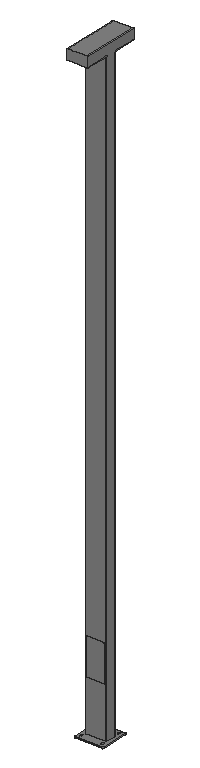
Revit family "Супремус В", category Осветительные приборы, Revit 2019 (continued)
Parameters (values of type "ДТУ121с10 Светодиодный светильник Супремус-B ДТУ-121-AF-ДТУП1212(60Вт)+ДТУП1212(60Вт)-6,0")
    0 299.7 293.1 284.6 273.4 260.3\r\n 245.3 228.2 208.9 188.3 167.9 149.8 132.5 115.7 99.6 82.5 64.0 51.6 39.5 31.9 26.4 22.1 19.3 17.1 15.5 14.0 12.6 11.3 10.3 9.3\r\n 8.4 7.6 6.8 6.2 5.6 5.1 4.4 3.9 3.6 3.2 2.8 2.4 2.2 1.9 1.6 1.3 1.2 0.9 0.8 0.7 0.6 0.6 0.6 0.7 0.7 0.7 0.7 0.7 0.7 0.8 0.0 0.0\r\n 0.0 0.0 0.0 0.0 0.0 0.0 0.0 0.0 0.0 0.0 0.0 0.0 0.0 0.0 0.0 0.0 0.0 0.0 0.0 0.0 0.0 0.0 0.0 0.0 0.0 0.0 0.0 0.0 0.0 0.0 0.0 0.0\r\n 0.0 0.0 0.0 0.0 0.0 0.0 0.0 0.0 0.0 0.0 0.0 0.0 0.0 0.0 0.0 0.0 0.0 0.0 0.0 0.0 0.0 0.0 0.0 0.0 0.0 0.0 0.0 0.0 0.0 0.0 0.0 0.0\r\n 0.0 0.0 0.0 0.0 0.0 0.0 0.0 0.0 0.0 0.0 0.0 0.0 0.0 0.0 0.0 0.0 0.0 0.0 0.0 0.0 0.0 0.0 0.0 0.0 0.0 0.0 0.0 0.0 0.0 0.0 0.0 0.0\r\n 0.0 0.0 0.0 0.0 0.0 0.0 0.0 0.0 0.0 0.0 0.0 0.0 0.0 0.0 0.0 0.0 0.0 0.0 0.0 0.0 0.0 0.0 0.0 0.0 0.0 0.0 0.0 0.0 0.0 0.0 0.0 0.0\r\n 0.0 0.0 0.0 0.0 0.0 0.0 0.0 0.0 0.0 0.0 0.0 0.0 0.0 0.0 0.0 0.0 0.0 0.0 0.0 0.0 0.0 0.0 0.0 0.0 0.0 0.0 0.0 0.0 0.0 0.0\r\n275.6 275.9 275.9 275.9 276.1 276.2 276.1 276.0 275.6 275.4 275.3 274.9 274.7 274.4 274.1 273.9 273.5 273.1 272.7 272.5 272.2\r\n 271.9 271.8 271.5 271.3 271.2 271.0 270.9 271.0 270.9 271.1 271.3 271.5 271.8 272.3 272.7 273.5 273.9 274.7 275.3 276.3 277.2\r\n 277.9 278.9 280.0 281.0 282.0 283.2 284.2 285.2 286.5 287.6 288.8 290.0 291.1 292.4 293.7 295.0 296.4 297.6 299.1 300.6 302.0\r\n 303.6 305.0 306.7 308.3 310.0 311.8 313.6 315.4 317.0 319.0 320.9 322.9 324.9 327.0 328.8 330.8 332.9 335.0 337.3 339.9 342.5\r\n 344.8 347.5 349.7 350.2 352.0 353.9 355.1 356.5 357.5 358.5 359.3 360.6 362.1 363.6 365.1 366.6 368.0 369.8 371.6 372.9 374.0\r\n 374.7 376.0 377.3 378.9 380.4 381.5 382.5 383.8 385.1 386.3 386.8 387.7 388.6 389.1 389.2 388.7 387.5 386.3 384.6 382.1 378.5\r\n 374.1 368.3 362.7 357.3 351.5 345.7 340.1 334.9 329.5 323.9 319.0 314.5 309.7 305.3 300.4 295.4 289.8 282.5 273.4 262.4 249.6\r\n 235.5 219.0 200.0 180.6 161.7 144.4 127.0 109.6 93.3 75.9 58.4 44.9 34.5 26.9 21.5 17.7 15.4 13.7 12.3 11.1 10.0 9.0 8.2 7.4 6.8\r\n 6.2 5.7 5.2 4.8 4.4 3.9 3.5 3.2 2.8 2.5 2.2 2.0 1.8 1.5 1.4 1.2 1.0 0.8 0.8 0.7 0.7 0.7 0.7 0.8 0.8 0.8 0.8 0.8 0.8 0.0 0.0 0.0\r\n 0.0 0.0 0.0 0.0 0.0 0.0 0.0 0.0 0.0 0.0 0.0 0.0 0.0 0.0 0.0 0.0 0.0 0.0 0.0 0.0 0.0 0.0 0.0 0.0 0.0 0.0 0.0 0.0 0.0 0.0 0.0 0.0\r\n 0.0 0.0 0.0 0.0 0.0 0.0 0.0 0.0 0.0 0.0 0.0 0.0 0.0 0.0 0.0 0.0 0.0 0.0 0.0 0.0 0.0 0.0 0.0 0.0 0.0 0.0 0.0 0.0 0.0 0.0 0.0 0.0\r\n 0.0 0.0 0.0 0.0 0.0 0.0 0.0 0.0 0.0 0.0 0.0 0.0 0.0 0.0 0.0 0.0 0.0 0.0 0.0 0.0 0.0 0.0 0.0 0.0 0.0 0.0 0.0 0.0 0.0 0.0 0.0 0.0\r\n 0.0 0.0 0.0 0.0 0.0 0.0 0.0 0.0 0.0 0.0 0.0 0.0 0.0 0.0 0.0 0.0 0.0 0.0 0.0 0.0 0.0 0.0 0.0 0.0 0.0 0.0 0.0 0.0 0.0 0.0 0.0 0.0\r\n 0.0 0.0 0.0 0.0 0.0 0.0 0.0 0.0 0.0 0.0 0.0 0.0 0.0 0.0 0.0 0.0 0.0 0.0 0.0 0.0 0.0 0.0 0.0 0.0 0.0 0.0 0.0 0.0 0.0\r\n275.6 275.5 275.4 275.2 275.1 274.8 274.6 274.2 273.9 273.4 273.0 272.6 272.0 271.5 271.0 270.5 269.9 269.4 269.0 268.4 267.9\r\n 267.5 267.0 266.7 266.4 266.0 265.5 265.3 265.1 264.8 264.7 264.8 264.8 265.0 265.3 265.5 265.9 266.4 266.8 267.3 268.0 268.9\r\n 269.6 270.4 271.2 271.9 272.7 273.8 274.8 275.8 276.9 277.9 279.0 280.1 281.4 282.4 283.5 284.8 286.2 287.5 288.8 290.0 291.5\r\n 293.0 294.1 295.7 297.2 298.7 300.0 301.6 303.2 304.6 306.1 307.7 309.3 311.1 312.7 314.3 315.6 317.0 318.5 320.1 321.9 323.2\r\n 325.1 326.5 328.9 329.6 330.9 332.8 333.4 334.5 335.4 336.1 336.4 337.5 338.5 339.7 340.8 342.3 343.7 345.0 346.3 347.5 348.4\r\n 349.4 350.3 351.4 352.5 353.0 353.4 354.0 354.5 354.8 355.1 355.5 355.2 355.3 355.7 355.8 355.7 355.4 354.7 353.4 352.1 349.8\r\n 346.1 341.5 337.2 332.5 328.3 323.6 319.3 316.1 311.5 306.3 301.9 296.6 291.7 286.0 280.4 274.6 268.5 262.0 253.9 244.5 233.3\r\n 221.2 207.7 192.1 176.5 159.7 142.6 125.5 108.4 91.4 75.0 57.3 42.7 31.6 24.1 18.5 15.1 13.1 11.7 10.6 9.6 8.7 7.9 7.3 6.6 6.1\r\n 5.6 5.1 4.6 4.2 3.7 3.2 2.9 2.7 2.4 2.2 2.1 2.0 1.9 1.7 1.5 1.4 1.2 1.0 1.0 0.9 0.9 0.9 1.0 1.0 1.0 1.1 1.1 1.1 1.2 0.0 0.0 0.0\r\n 0.0 0.0 0.0 0.0 0.0 0.0 0.0 0.0 0.0 0.0 0.0 0.0 0.0 0.0 0.0 0.0 0.0 0.0 0.0 0.0 0.0 0.0 0.0 0.0 0.0 0.0 0.0 0.0 0.0 0.0 0.0 0.0\r\n 0.0 0.0 0.0 0.0 0.0 0.0 0.0 0.0 0.0 0.0 0.0 0.0 0.0 0.0 0.0 0.0 0.0 0.0 0.0 0.0 0.0 0.0 0.0 0.0 0.0 0.0 0.0 0.0 0.0 0.0 0.0 0.0\r\n 0.0 0.0 0.0 0.0 0.0 0.0 0.0 0.0 0.0 0.0 0.0 0.0 0.0 0.0 0.0 0.0 0.0 0.0 0.0 0.0 0.0 0.0 0.0 0.0 0.0 0.0 0.0 0.0 0.0 0.0 0.0 0.0\r\n 0.0 0.0 0.0 0.0 0.0 0.0 0.0 0.0 0.0 0.0 0.0 0.0 0.0 0.0 0.0 0.0 0.0 0.0 0.0 0.0 0.0 0.0 0.0 0.0 0.0 0.0 0.0 0.0 0.0 0.0 0.0 0.0\r\n 0.0 0.0 0.0 0.0 0.0 0.0 0.0 0.0 0.0 0.0 0.0 0.0 0.0 0.0 0.0 0.0 0.0 0.0 0.0 0.0 0.0 0.0 0.0 0.0 0.0 0.0 0.0 0.0 0.0\r\n275.6 275.2 274.8 274.5 274.1 273.7 273.3 272.7 272.1 271.5 270.9 270.2 269.6 268.8 268.0 267.4 266.7 265.9 265.2 264.6 263.9\r\n 263.2 262.7 262.0 261.5 261.0 260.2 259.7 259.3 258.9 258.5 258.2 258.0 257.8 257.9 258.0 258.2 258.5 258.9 259.3 259.7 260.2\r\n 260.6 261.2 261.9 262.6 263.6 264.3 265.1 265.9 266.7 267.6 268.7 269.6 270.4 271.4 272.4 273.6 274.5 275.5 276.7 277.8 278.9\r\n 279.9 281.0 281.9 283.0 284.2 285.3 286.6 287.9 289.1 290.4 291.6 293.0 294.4 295.7 297.0 298.1 299.3 300.3 301.6 303.1 304.5\r\n 305.7 306.4 307.5 308.5 308.8 310.2 310.4 310.8 311.3 311.7 311.7 311.9 312.4 312.9 313.4 314.1 314.9 315.7 316.7 317.8 318.6\r\n 319.6 320.7 321.8 323.0 323.9 324.8 325.4 325.7 325.9 325.9 325.7 325.2 324.1 323.4 322.7 322.4 321.9 321.7 320.8 320.2 318.7\r\n 316.2 312.5 308.6 304.5 300.4 296.1 291.9 288.4 284.8 280.5 276.1 270.5 265.2 259.7 254.2 248.0 241.8 235.6 229.7 222.5 213.7\r\n 203.0 191.4 179.5 166.1 151.6 135.6 119.2 102.1 85.7 71.4 58.3 45.2 32.2 23.9 17.9 14.1 12.0 10.7 9.6 8.7 7.9 7.2 6.6 6.1 5.7 5.2\r\n 4.8 4.4 4.0 3.5 3.2 2.9 2.7 2.5 2.3 2.2 2.1 1.9 1.8 1.6 1.5 1.2 1.0 1.0 0.9 0.9 1.0 1.0 1.0 1.0 1.1 1.1 1.2 1.2 0.0 0.0 0.0 0.0\r\n 0.0 0.0 0.0 0.0 0.0 0.0 0.0 0.0 0.0 0.0 0.0 0.0 0.0 0.0 0.0 0.0 0.0 0.0 0.0 0.0 0.0 0.0 0.0 0.0 0.0 0.0 0.0 0.0 0.0 0.0 0.0 0.0\r\n 0.0 0.0 0.0 0.0 0.0 0.0 0.0 0.0 0.0 0.0 0.0 0.0 0.0 0.0 0.0 0.0 0.0 0.0 0.0 0.0 0.0 0.0 0.0 0.0 0.0 0.0 0.0 0.0 0.0 0.0 0.0 0.0\r\n 0.0 0.0 0.0 0.0 0.0 0.0 0.0 0.0 0.0 0.0 0.0 0.0 0.0 0.0 0.0 0.0 0.0 0.0 0.0 0.0 0.0 0.0 0.0 0.0 0.0 0.0 0.0 0.0 0.0 0.0 0.0 0.0\r\n 0.0 0.0 0.0 0.0 0.0 0.0 0.0 0.0 0.0 0.0 0.0 0.0 0.0 0.0 0.0 0.0 0.0 0.0 0.0 0.0 0.0 0.0 0.0 0.0 0.0 0.0 0.0 0.0 0.0 0.0 0.0 0.0\r\n 0.0 0.0 0.0 0.0 0.0 0.0 0.0 0.0 0.0 0.0 0.0 0.0 0.0 0.0 0.0 0.0 0.0 0.0 0.0 0.0 0.0 0.0 0.0 0.0 0.0 0.0 0.0 0.0\r\n275.6 275.2 274.5 274.0 273.4 272.7 272.1 271.4 270.5 269.9 269.0 268.1 267.4 266.4 265.5 264.6 263.7 262.7 261.8 261.0 260.0\r\n 259.0 258.2 257.4 256.6 255.8 255.1 254.4 253.6 253.0 252.5 251.7 250.9 250.6 250.4 250.0 249.8 249.9 250.2 250.3 250.3 250.4\r\n 250.6 250.8 251.3 251.7 252.2 252.6 253.0 253.6 254.0 254.3 254.9 255.4 255.9 256.6 257.1 257.7 258.1 258.8 259.4 260.0 260.6\r\n 261.5 262.0 262.7 263.2 264.0 264.8 265.6 266.5 267.4 268.5 269.4 270.1 270.9 271.8 272.7 273.5 274.3 275.1 276.2 277.2 278.4\r\n 279.3 280.0 280.5 281.4 282.5 283.0 283.9 284.0 284.3 284.8 285.1 284.9 284.9 285.3 285.8 286.0 286.3 286.7 287.1 287.7 288.3\r\n 289.0 289.8 290.8 291.9 293.1 294.0 295.0 295.8 296.3 296.6 296.7 296.3 295.7 294.9 293.8 292.9 292.1 291.7 291.1 290.0 289.0\r\n 287.3 284.7 281.3 277.5 273.9 270.2 266.6 262.9 259.0 255.9 252.6 248.2 243.2 238.1 232.5 225.7 218.5 209.9 202.3 196.5 191.3\r\n 185.1 177.2 168.1 157.3 145.9 131.6 117.3 103.1 87.9 74.3 62.3 50.9 40.6 31.5 23.6 17.7 13.9 11.5 10.2 9.1 8.3 7.5 6.8 6.3 5.8\r\n 5.4 5.0 4.6 4.1 3.6 3.2 2.9 2.8 2.6 2.5 2.4 2.4 2.3 2.0 1.6 1.4 1.2 1.0 1.0 0.9 1.0 1.0 1.0 1.1 1.1 1.1 1.2 1.2 1.2 0.0 0.0 0.0\r\n 0.0 0.0 0.0 0.0 0.0 0.0 0.0 0.0 0.0 0.0 0.0 0.0 0.0 0.0 0.0 0.0 0.0 0.0 0.0 0.0 0.0 0.0 0.0 0.0 0.0 0.0 0.0 0.0 0.0 0.0 0.0 0.0\r\n 0.0 0.0 0.0 0.0 0.0 0.0 0.0 0.0 0.0 0.0 0.0 0.0 0.0 0.0 0.0 0.0 0.0 0.0 0.0 0.0 0.0 0.0 0.0 0.0 0.0 0.0 0.0 0.0 0.0 0.0 0.0 0.0\r\n 0.0 0.0 0.0 0.0 0.0 0.0 0.0 0.0 0.0 0.0 0.0 0.0 0.0 0.0 0.0 0.0 0.0 0.0 0.0 0.0 0.0 0.0 0.0 0.0 0.0 0.0 0.0 0.0 0.0 0.0 0.0 0.0\r\n 0.0 0.0 0.0 0.0 0.0 0.0 0.0 0.0 0.0 0.0 0.0 0.0 0.0 0.0 0.0 0.0 0.0 0.0 0.0 0.0 0.0 0.0 0.0 0.0 0.0 0.0 0.0 0.0 0.0 0.0 0.0 0.0\r\n 0.0 0.0 0.0 0.0 0.0 0.0 0.0 0.0 0.0 0.0 0.0 0.0 0.0 0.0 0.0 0.0 0.0 0.0 0.0 0.0 0.0 0.0 0.0 0.0 0.0 0.0 0.0 0.0 0.0\r\n275.6 274.9 274.1 273.4 272.6 271.6 270.9 270.0 269.1 267.9 267.0 266.0 264.9 263.8 262.7 261.5 260.3 259.2 258.0 257.0 255.9\r\n 254.7 253.6 252.7 251.6 250.7 249.7 248.8 247.9 247.1 245.9 244.9 244.2 243.3 242.5 242.0 241.4 241.0 240.6 240.0 239.5 239.2\r\n 238.7 238.6 238.4 238.3 238.1 238.0 237.8 237.8 237.7 237.7 237.5 237.6 237.8 238.0 238.2 238.6 238.9 239.2 239.5 239.7 240.0\r\n 240.4 240.9 241.4 242.1 242.9 243.5 244.3 245.0 245.6 246.3 246.9 247.5 248.1 248.8 249.5 250.2 250.8 251.8 252.6 253.6 254.4\r\n 255.2 255.5 256.3 256.8 257.6 258.5 258.9 259.5 259.7 259.9 260.6 260.8 260.5 260.3 260.4 260.6 260.5 260.5 260.7 260.6 260.5\r\n 260.6 260.6 260.7 261.2 261.8 262.4 263.0 263.8 264.3 264.6 264.7 264.6 264.0 263.4 262.7 262.0 261.2 260.4 259.8 258.8 257.1\r\n 255.2 253.2 250.9 248.1 245.2 242.2 238.9 235.4 231.8 228.0 224.5 221.2 217.6 213.2 208.2 202.7 196.6 189.7 181.9 173.9 167.8\r\n 162.9 158.6 153.5 146.8 139.1 129.4 118.5 106.0 92.3 77.8 64.8 54.3 43.9 36.1 29.8 24.6 20.2 16.1 13.1 11.1 9.6 8.6 7.8 7.2 6.6\r\n 6.1 5.6 5.0 4.5 3.9 3.5 3.2 2.9 2.6 2.4 2.3 2.3 2.1 2.0 1.6 1.5 1.2 1.1 1.0 0.9 1.0 1.0 1.0 1.0 1.1 1.1 1.2 1.2 1.2 0.0 0.0 0.0\r\n 0.0 0.0 0.0 0.0 0.0 0.0 0.0 0.0 0.0 0.0 0.0 0.0 0.0 0.0 0.0 0.0 0.0 0.0 0.0 0.0 0.0 0.0 0.0 0.0 0.0 0.0 0.0 0.0 0.0 0.0 0.0 0.0\r\n 0.0 0.0 0.0 0.0 0.0 0.0 0.0 0.0 0.0 0.0 0.0 0.0 0.0 0.0 0.0 0.0 0.0 0.0 0.0 0.0 0.0 0.0 0.0 0.0 0.0 0.0 0.0 0.0 0.0 0.0 0.0 0.0\r\n 0.0 0.0 0.0 0.0 0.0 0.0 0.0 0.0 0.0 0.0 0.0 0.0 0.0 0.0 0.0 0.0 0.0 0.0 0.0 0.0 0.0 0.0 0.0 0.0 0.0 0.0 0.0 0.0 0.0 0.0 0.0 0.0\r\n 0.0 0.0 0.0 0.0 0.0 0.0 0.0 0.0 0.0 0.0 0.0 0.0 0.0 0.0 0.0 0.0 0.0 0.0 0.0 0.0 0.0 0.0 0.0 0.0 0.0 0.0 0.0 0.0 0.0 0.0 0.0 0.0\r\n 0.0 0.0 0.0 0.0 0.0 0.0 0.0 0.0 0.0 0.0 0.0 0.0 0.0 0.0 0.0 0.0 0.0 0.0 0.0 0.0 0.0 0.0 0.0 0.0 0.0 0.0 0.0 0.0 0.0\r\n275.6 274.7 273.7 272.6 271.7 270.8 269.7 268.7 267.4 266.2 265.1 263.9 262.4 261.3 259.9 258.5 257.2 255.8 254.5 253.2 251.8\r\n 250.4 249.3 248.0 246.8 245.5 244.4 243.1 241.9 240.3 238.9 237.6 236.0 234.7 233.4 232.4 231.2 230.0 228.6 227.5 226.3 225.4\r\n 224.6 223.8 223.1 222.4 221.8 221.1 220.7 220.3 220.1 219.9 219.8 219.8 219.7 219.8 219.9 220.2 220.4 220.6 220.9 221.1 221.4\r\n 222.0 222.6 222.9 223.4 223.7 224.1 224.6 224.9 225.0 225.3 225.3 225.3 225.4 225.6 225.9 226.1 226.2 226.4 226.9 227.3 227.9\r\n 228.4 228.7 228.8 229.1 229.3 229.5 230.1 230.8 230.4 230.2 229.8 229.9 230.0 229.5 228.6 228.0 227.7 227.4 226.9 226.6 226.2\r\n 225.8 225.6 225.4 225.3 225.4 225.5 225.5 225.8 226.1 226.4 226.8 226.6 225.9 225.0 224.1 223.4 223.1 222.7 222.1 221.1 219.6\r\n 217.8 216.1 214.2 211.9 209.6 206.8 203.9 200.7 197.0 193.3 188.9 184.4 179.4 174.3 169.2 163.7 157.6 151.1 144.4 137.2 131.4\r\n 125.5 119.7 116.6 114.3 111.9 107.8 102.8 96.2 88.2 78.4 67.9 57.8 48.5 40.8 34.2 28.7 24.7 21.6 19.0 16.6 14.3 11.7 9.9 8.7 7.8\r\n 7.0 6.4 5.8 5.2 4.7 4.2 3.7 3.4 3.0 2.8 2.6 2.5 2.2 2.0 1.8 1.6 1.5 1.2 1.1 1.0 1.0 1.0 1.0 1.0 1.1 1.1 1.2 1.2 1.2 0.0 0.0 0.0\r\n 0.0 0.0 0.0 0.0 0.0 0.0 0.0 0.0 0.0 0.0 0.0 0.0 0.0 0.0 0.0 0.0 0.0 0.0 0.0 0.0 0.0 0.0 0.0 0.0 0.0 0.0 0.0 0.0 0.0 0.0 0.0 0.0\r\n 0.0 0.0 0.0 0.0 0.0 0.0 0.0 0.0 0.0 0.0 0.0 0.0 0.0 0.0 0.0 0.0 0.0 0.0 0.0 0.0 0.0 0.0 0.0 0.0 0.0 0.0 0.0 0.0 0.0 0.0 0.0 0.0\r\n 0.0 0.0 0.0 0.0 0.0 0.0 0.0 0.0 0.0 0.0 0.0 0.0 0.0 0.0 0.0 0.0 0.0 0.0 0.0 0.0 0.0 0.0 0.0 0.0 0.0 0.0 0.0 0.0 0.0 0.0 0.0 0.0\r\n 0.0 0.0 0.0 0.0 0.0 0.0 0.0 0.0 0.0 0.0 0.0 0.0 0.0 0.0 0.0 0.0 0.0 0.0 0.0 0.0 0.0 0.0 0.0 0.0 0.0 0.0 0.0 0.0 0.0 0.0 0.0 0.0\r\n 0.0 0.0 0.0 0.0 0.0 0.0 0.0 0.0 0.0 0.0 0.0 0.0 0.0 0.0 0.0 0.0 0.0 0.0 0.0 0.0 0.0 0.0 0.0 0.0 0.0 0.0 0.0 0.0 0.0\r\n275.6 274.6 273.4 272.1 271.1 269.8 268.5 267.3 266.0 264.4 263.0 261.6 260.1 258.8 257.1 255.6 254.0 252.5 251.0 249.5 247.9\r\n 246.5 244.8 243.1 241.4 239.7 238.0 236.4 234.5 232.3 230.5 228.7 226.9 224.8 223.1 221.6 219.9 218.2 216.4 214.9 213.4 212.4\r\n 211.4 210.5 209.4 208.6 208.0 207.3 206.6 206.1 205.7 205.5 205.2 205.0 204.9 204.4 204.3 204.2 204.2 204.0 204.0 204.1 204.1\r\n 203.9 203.8 203.8 203.4 203.3 203.0 202.6 202.3 201.7 201.2 200.7 199.9 199.2 198.8 198.2 197.8 197.1 196.7 196.3 196.0 195.8\r\n 195.8 195.7 195.7 195.5 195.5 195.4 195.3 195.3 195.4 195.5 195.0 194.3 194.0 193.8 193.5 192.7 191.5 190.9 190.5 189.9 189.4\r\n 188.9 188.5 188.2 187.9 187.7 187.4 187.2 187.0 187.1 187.0 186.8 186.7 186.5 186.2 185.5 184.8 184.0 183.3 182.8 181.7 180.7\r\n 179.5 178.0 176.6 175.4 174.2 172.8 171.0 169.2 167.1 164.8 162.5 159.4 155.3 150.6 145.3 139.8 134.3 128.4 122.4 115.1 107.4\r\n 99.8 93.2 88.1 84.4 81.5 78.5 75.9 73.3 70.2 65.2 60.2 55.2 49.6 44.0 38.8 33.8 29.2 25.2 22.1 19.6 17.3 15.4 13.8 12.2 10.6 9.1\r\n 8.1 7.3 6.6 5.9 5.2 4.7 4.2 3.8 3.4 3.1 2.8 2.6 2.3 2.0 1.8 1.6 1.5 1.5 1.3 1.3 1.2 1.1 1.1 1.1 1.1 1.1 1.1 1.2 0.0 0.0 0.0 0.0\r\n 0.0 0.0 0.0 0.0 0.0 0.0 0.0 0.0 0.0 0.0 0.0 0.0 0.0 0.0 0.0 0.0 0.0 0.0 0.0 0.0 0.0 0.0 0.0 0.0 0.0 0.0 0.0 0.0 0.0 0.0 0.0 0.0\r\n 0.0 0.0 0.0 0.0 0.0 0.0 0.0 0.0 0.0 0.0 0.0 0.0 0.0 0.0 0.0 0.0 0.0 0.0 0.0 0.0 0.0 0.0 0.0 0.0 0.0 0.0 0.0 0.0 0.0 0.0 0.0 0.0\r\n 0.0 0.0 0.0 0.0 0.0 0.0 0.0 0.0 0.0 0.0 0.0 0.0 0.0 0.0 0.0 0.0 0.0 0.0 0.0 0.0 0.0 0.0 0.0 0.0 0.0 0.0 0.0 0.0 0.0 0.0 0.0 0.0\r\n 0.0 0.0 0.0 0.0 0.0 0.0 0.0 0.0 0.0 0.0 0.0 0.0 0.0 0.0 0.0 0.0 0.0 0.0 0.0 0.0 0.0 0.0 0.0 0.0 0.0 0.0 0.0 0.0 0.0 0.0 0.0 0.0\r\n 0.0 0.0 0.0 0.0 0.0 0.0 0.0 0.0 0.0 0.0 0.0 0.0 0.0 0.0 0.0 0.0 0.0 0.0 0.0 0.0 0.0 0.0 0.0 0.0 0.0 0.0 0.0 0.0\r\n275.6 274.4 273.0 271.7 270.3 269.0 267.5 266.1 264.5 262.9 261.3 259.7 258.0 256.4 254.6 252.9 251.3 249.4 247.8 245.9 244.0\r\n 242.0 240.0 237.8 235.5 233.2 231.0 228.7 226.1 223.7 221.8 219.6 217.5 215.5 213.8 212.3 210.5 208.7 206.9 205.4 203.9 202.7\r\n 201.5 200.2 199.0 197.6 196.3 195.0 193.6 192.4 191.5 190.5 189.6 188.9 188.3 187.4 186.7 186.2 185.6 185.1 184.4 183.7 183.0\r\n 182.0 181.1 180.1 179.2 178.2 176.9 175.7 174.6 173.5 172.6 171.7 170.9 170.0 169.0 168.3 167.4 166.6 165.9 165.1 164.3 163.6\r\n 162.7 161.8 161.2 160.3 159.6 159.0 158.3 157.4 156.7 156.1 155.4 154.8 154.4 153.4 152.6 152.1 151.6 150.6 149.5 148.3 147.4\r\n 146.6 145.5 144.7 143.8 143.0 142.4 142.0 141.7 141.4 141.3 141.2 141.1 140.9 140.5 140.0 139.4 138.7 138.1 137.5 136.9 136.1\r\n 135.1 134.4 133.6 132.6 131.9 130.8 129.3 128.1 127.1 125.5 124.1 122.5 120.8 118.8 116.6 113.6 110.3 106.0 101.5 96.1 90.3 84.8\r\n 78.4 71.8 65.7 60.8 56.8 53.2 50.0 47.0 44.8 43.3 41.9 40.1 37.9 35.8 33.8 32.0 30.2 28.2 26.1 24.0 21.7 19.4 17.3 15.6 14.1 12.7\r\n 11.4 10.3 9.3 8.3 7.4 6.3 5.1 4.4 4.0 3.6 3.1 2.7 2.4 2.2 2.0 1.9 2.1 1.9 1.9 1.6 1.4 1.3 1.2 1.1 1.2 1.2 1.2 0.0 0.0 0.0 0.0 0.0\r\n 0.0 0.0 0.0 0.0 0.0 0.0 0.0 0.0 0.0 0.0 0.0 0.0 0.0 0.0 0.0 0.0 0.0 0.0 0.0 0.0 0.0 0.0 0.0 0.0 0.0 0.0 0.0 0.0 0.0 0.0 0.0 0.0\r\n 0.0 0.0 0.0 0.0 0.0 0.0 0.0 0.0 0.0 0.0 0.0 0.0 0.0 0.0 0.0 0.0 0.0 0.0 0.0 0.0 0.0 0.0 0.0 0.0 0.0 0.0 0.0 0.0 0.0 0.0 0.0 0.0\r\n 0.0 0.0 0.0 0.0 0.0 0.0 0.0 0.0 0.0 0.0 0.0 0.0 0.0 0.0 0.0 0.0 0.0 0.0 0.0 0.0 0.0 0.0 0.0 0.0 0.0 0.0 0.0 0.0 0.0 0.0 0.0 0.0\r\n 0.0 0.0 0.0 0.0 0.0 0.0 0.0 0.0 0.0 0.0 0.0 0.0 0.0 0.0 0.0 0.0 0.0 0.0 0.0 0.0 0.0 0.0 0.0 0.0 0.0 0.0 0.0 0.0 0.0 0.0 0.0 0.0\r\n 0.0 0.0 0.0 0.0 0.0 0.0 0.0 0.0 0.0 0.0 0.0 0.0 0.0 0.0 0.0 0.0 0.0 0.0 0.0 0.0 0.0 0.0 0.0 0.0 0.0 0.0 0.0\r\n275.6 274.2 272.5 271.1 269.7 268.0 266.5 264.8 263.0 261.3 259.6 257.7 255.8 254.0 252.2 250.3 248.2 246.3 244.2 241.8 239.5\r\n 236.9 234.2 231.3 228.6 225.9 223.4 220.9 218.2 215.8 213.9 212.1 210.2 208.3 206.6 204.9 203.1 200.8 198.8 196.8 194.9 193.1\r\n 191.4 189.6 187.9 186.1 184.2 182.6 180.8 179.1 177.3 175.6 174.0 172.2 170.5 168.9 167.6 166.3 164.9 163.6 162.2 160.9 159.6\r\n 158.4 156.9 155.3 153.8 152.3 150.8 149.5 148.4 147.2 146.2 145.2 144.2 143.1 142.3 141.4 140.4 139.4 138.2 136.9 135.7 134.5\r\n 133.3 132.3 131.3 130.2 129.1 127.8 126.6 125.4 124.3 123.1 122.1 121.3 120.5 119.4 118.6 117.4 116.3 115.5 114.8 113.8 112.6\r\n 111.3 110.4 109.6 108.6 107.7 106.9 106.0 105.5 104.9 104.6 104.3 104.1 104.1 104.0 103.
